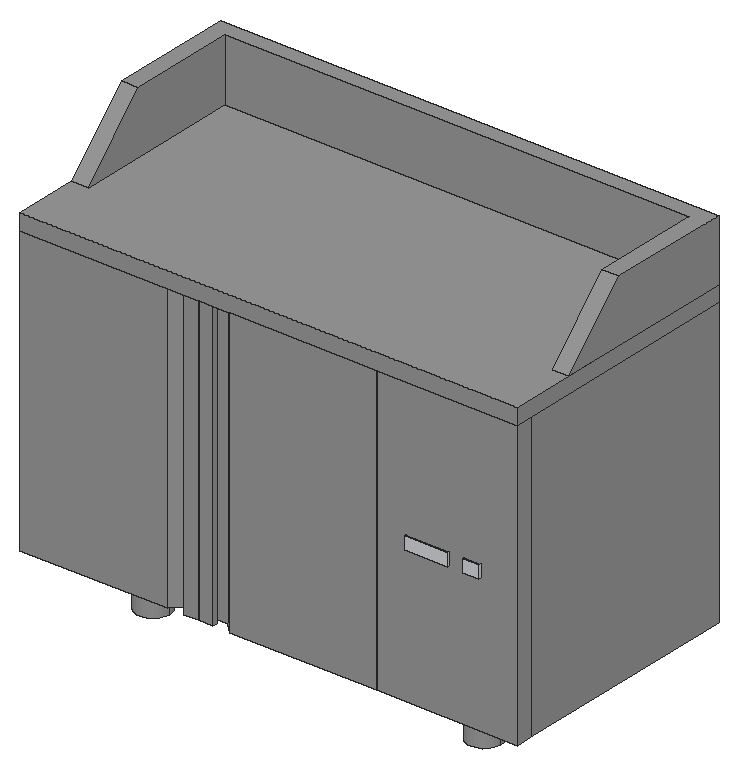
Revit family "Холодильные столы для приготовления пиццы_1", category Оборудование, Revit 2020 (continued)
Automatic sketch dimensions
  curve 380 to curve 379 = 0 mm
  curve 505 to curve 532 = 10 mm
  curve 409 to curve 408 = 10 mm
  curve 512 to curve 504 = 10 mm
  curve 509 to curve 503 = 10 mm
  curve 508 to curve 502 = 10 mm
  curve 500 to curve 532 = 0 mm
  curve 501 to curve 500 = 0 mm
  curve 504 to curve 499 = 10 mm
  curve 498 to curve 499 = 0 mm
  curve 497 to curve 498 = 0 mm
  curve 496 to curve 497 = 0 mm
  curve 408 to curve 407 = 10 mm
  curve 376 to curve 371 = 10 mm
  curve 376 to curve 372 = 10 mm
  curve 377 to curve 373 = 10 mm
  curve 532 to curve 531 = 10 mm
  curve 495 to curve 496 = 0 mm
  curve 378 to curve 374 = 10 mm
  curve 379 to curve 375 = 10 mm
  curve 496 to curve 491 = 10 mm
  curve 496 to curve 492 = 10 mm
  curve 497 to curve 493 = 10 mm
  curve 490 to curve 491 = 0 mm
  curve 498 to curve 494 = 10 mm
  curve 530 to curve 490 = 0 mm
  curve 407 to curve 406 = 10 mm
  curve 375 to curve 370 = 10 mm
  curve 369 to curve 370 = 0 mm
  curve 368 to curve 369 = 0 mm
  curve 367 to curve 368 = 0 mm
  curve 366 to curve 367 = 0 mm
  curve 406 to curve 405 = 10 mm
  curve 367 to curve 361 = 10 mm
  curve 362 to curve 361 = 0 mm
  curve 363 to curve 362 = 0 mm
  curve 364 to curve 363 = 0 mm
  curve 490 to curve 485 = 10 mm
  curve 486 to curve 485 = 0 mm
  curve 487 to curve 486 = 0 mm
  curve 488 to curve 487 = 0 mm
  curve 365 to curve 364 = 0 mm
  curve 530 to curve 529 = 10 mm
  curve 489 to curve 488 = 0 mm
  curve 361 to curve 404 = 10 mm
  curve 489 to curve 483 = 10 mm
  curve 485 to curve 528 = 10 mm
  curve 489 to curve 484 = 10 mm
  curve 488 to curve 482 = 10 mm
  curve 487 to curve 481 = 10 mm
  curve 480 to curve 528 = 0 mm
  curve 356 to curve 404 = 0 mm
  curve 357 to curve 356 = 0 mm
  curve 358 to curve 357 = 0 mm
  curve 359 to curve 358 = 0 mm
  curve 360 to curve 359 = 0 mm
  curve 359 to curve 355 = 10 mm
  curve 354 to curve 355 = 0 mm
  curve 353 to curve 354 = 0 mm
  curve 352 to curve 353 = 0 mm
  curve 351 to curve 352 = 0 mm
  curve 482 to curve 477 = 10 mm
  curve 476 to curve 477 = 0 mm
  curve 475 to curve 476 = 0 mm
  curve 403 to curve 351 = 0 mm
  curve 482 to curve 478 = 10 mm
  curve 528 to curve 527 = 10 mm
  curve 484 to curve 479 = 10 mm
  curve 476 to curve 471 = 10 mm
  curve 354 to curve 350 = 10 mm
  curve 349 to curve 350 = 0 mm
  curve 348 to curve 349 = 0 mm
  curve 403 to curve 402 = 10 mm
  curve 527 to curve 526 = 10 mm
  curve 527 to curve 470 = 10 mm
  curve 476 to curve 472 = 10 mm
  curve 477 to curve 473 = 10 mm
  curve 478 to curve 474 = 10 mm
  curve 347 to curve 348 = 0 mm
  curve 346 to curve 347 = 0 mm
  curve 350 to curve 345 = 10 mm
  curve 470 to curve 465 = 10 mm
  curve 402 to curve 401 = 10 mm
  curve 474 to curve 469 = 10 mm
  curve 470 to curve 525 = 10 mm
  curve 474 to curve 468 = 10 mm
  curve 473 to curve 467 = 10 mm
  curve 472 to curve 466 = 10 mm
  curve 350 to curve 344 = 10 mm
  curve 349 to curve 343 = 10 mm
  curve 348 to curve 342 = 10 mm
  curve 347 to curve 341 = 10 mm
  curve 525 to curve 524 = 10 mm
  curve 469 to curve 464 = 10 mm
  curve 401 to curve 400 = 10 mm
  curve 469 to curve 463 = 10 mm
  curve 468 to curve 462 = 10 mm
  curve 467 to curve 461 = 10 mm
  curve 466 to curve 460 = 10 mm
  curve 336 to curve 400 = 0 mm
  curve 337 to curve 336 = 0 mm
  curve 345 to curve 340 = 10 mm
  curve 345 to curve 339 = 10 mm
  curve 344 to curve 338 = 10 mm
  curve 461 to curve 457 = 10 mm
  curve 400 to curve 399 = 10 mm
  curve 462 to curve 458 = 10 mm
  curve 463 to curve 459 = 10 mm
  curve 340 to curve 335 = 10 mm
  curve 524 to curve 523 = 10 mm
  curve 334 to curve 335 = 0 mm
  curve 333 to curve 334 = 0 mm
  curve 332 to curve 333 = 0 mm
  curve 331 to curve 332 = 0 mm
  curve 524 to curve 455 = 10 mm
  curve 460 to curve 456 = 10 mm
  curve 331 to curve 327 = 10 mm
  curve 332 to curve 328 = 10 mm
  curve 333 to curve 329 = 10 mm
  curve 334 to curve 330 = 10 mm
  curve 523 to curve 450 = 10 mm
  curve 399 to curve 326 = 10 mm
  curve 459 to curve 454 = 10 mm
  curve 453 to curve 454 = 0 mm
  curve 452 to curve 453 = 0 mm
  curve 451 to curve 452 = 0 mm
  curve 522 to curve 450 = 0 mm
  curve 399 to curve 398 = 10 mm
  curve 330 to curve 325 = 10 mm
  curve 330 to curve 324 = 10 mm
  curve 329 to curve 323 = 10 mm
  curve 328 to curve 322 = 10 mm
  curve 327 to curve 321 = 10 mm
  curve 326 to curve 397 = 10 mm
  curve 450 to curve 521 = 10 mm
  curve 454 to curve 449 = 10 mm
  curve 454 to curve 448 = 10 mm
  curve 453 to curve 447 = 10 mm
  curve 452 to curve 446 = 10 mm
  curve 445 to curve 521 = 0 mm
  curve 449 to curve 444 = 10 mm
  curve 449 to curve 443 = 10 mm
  curve 448 to curve 442 = 10 mm
  curve 447 to curve 441 = 10 mm
  curve 446 to curve 440 = 10 mm
  curve 521 to curve 520 = 10 mm
  curve 322 to curve 316 = 10 mm
  curve 317 to curve 316 = 0 mm
  curve 318 to curve 317 = 0 mm
  curve 319 to curve 318 = 0 mm
  curve 325 to curve 320 = 10 mm
  curve 321 to curve 396 = 10 mm
  curve 396 to curve 395 = 10 mm
  curve 440 to curve 435 = 10 mm
  curve 440 to curve 436 = 10 mm
  curve 441 to curve 437 = 10 mm
  curve 442 to curve 438 = 10 mm
  curve 443 to curve 439 = 10 mm
  curve 519 to curve 435 = 0 mm
  curve 320 to curve 315 = 10 mm
  curve 314 to curve 315 = 0 mm
  curve 317 to curve 313 = 10 mm
  curve 312 to curve 313 = 0 mm
  curve 311 to curve 312 = 0 mm
  curve 313 to curve 309 = 10 mm
  curve 314 to curve 310 = 10 mm
  curve 308 to curve 309 = 0 mm
  curve 307 to curve 308 = 0 mm
  curve 439 to curve 434 = 10 mm
  curve 306 to curve 307 = 0 mm
  curve 395 to curve 394 = 10 mm
  curve 433 to curve 434 = 0 mm
  curve 432 to curve 433 = 0 mm
  curve 519 to curve 518 = 10 mm
  curve 431 to curve 432 = 0 mm
  curve 430 to curve 431 = 0 mm
  curve 434 to curve 429 = 10 mm
  curve 434 to curve 428 = 10 mm
  curve 433 to curve 427 = 10 mm
  curve 432 to curve 426 = 10 mm
  curve 430 to curve 517 = 10 mm
  curve 431 to curve 425 = 10 mm
  curve 306 to curve 393 = 10 mm
  curve 310 to curve 305 = 10 mm
  curve 307 to curve 301 = 10 mm
  curve 310 to curve 304 = 10 mm
  curve 309 to curve 303 = 10 mm
  curve 308 to curve 302 = 10 mm
  curve 429 to curve 424 = 10 mm
  curve 429 to curve 423 = 10 mm
  curve 428 to curve 422 = 10 mm
  curve 427 to curve 421 = 10 mm
  curve 426 to curve 420 = 10 mm
  curve 517 to curve 516 = 10 mm
  curve 301 to curve 392 = 10 mm
  curve 296 to curve 392 = 0 mm
  curve 297 to curve 296 = 0 mm
  curve 298 to curve 297 = 0 mm
  curve 305 to curve 300 = 10 mm
  curve 305 to curve 299 = 10 mm
  curve 296 to curve 292 = 10 mm
  curve 291 to curve 292 = 0 mm
  curve 297 to curve 293 = 10 mm
  curve 516 to curve 415 = 10 mm
  curve 420 to curve 416 = 10 mm
  curve 421 to curve 417 = 10 mm
  curve 422 to curve 418 = 10 mm
  curve 300 to curve 295 = 10 mm
  curve 294 to curve 295 = 0 mm
  curve 391 to curve 386 = 10 mm
  curve 423 to curve 419 = 10 mm
  curve 515 to curve 510 = 10 mm
  curve 416 to curve 412 = 10 mm
  curve 411 to curve 412 = 0 mm
  curve 410 to curve 411 = 0 mm
  curve 417 to curve 413 = 10 mm
  curve 291 to curve 287 = 10 mm
  curve 292 to curve 288 = 10 mm
  curve 293 to curve 289 = 10 mm
  curve 294 to curve 290 = 10 mm
  curve 418 to curve 414 = 10 mm
  curve 286 to curve 287 = 0 mm
  Extrusion 22 sketch curve to Extrusion 2 = 37.295 mm
  Extrusion 22 sketch curve to Extrusion 2 = 160 mm
  Extrusion 22 sketch curve to Extrusion 22 sketch curve = 66.042 mm
  Extrusion 22 sketch curve to Extrusion 22 sketch curve = 20 mm
  Extrusion 23 sketch curve to Extrusion 2 = 37.295 mm
  Extrusion 23 sketch curve to Extrusion 2 = 137.5 mm
  Extrusion 23 sketch curve to Extrusion 23 sketch curve = 31.374 mm
  Extrusion 23 sketch curve to Extrusion 23 sketch curve = 20 mm
  Extrusion 24 sketch curve to Extrusion 2 = 0 mm  (x2)
  Extrusion 24 sketch curve to Extrusion 2 = 340 mm
  Extrusion 24 sketch curve to Extrusion 24 sketch curve = 340.013 mm
  curve 537 to Extrusion 24 = 70 mm
  curve 537 to curve 537 = 160 mm
  Extrusion 25 sketch curve to Extrusion 2 = 248 mm
  Extrusion 25 sketch curve to Extrusion 25 sketch curve = 98.531 mm
  Extrusion 25 sketch curve to Extrusion 2 = 275 mm
  Extrusion 25 sketch curve to Extrusion 25 sketch curve = 20 mm
  Extrusion 26 sketch curve to Extrusion 2 = 111.877 mm
  Extrusion 26 sketch curve to Extrusion 26 sketch curve = 20 mm  (x2)
  Extrusion 26 sketch curve to Extrusion 2 = 275 mm
  curve 686 to Extrusion 2 = 38 mm
  curve 538 to curve 719 = 20 mm
  curve 719 to curve 154 = 12 mm
  curve 680 to curve 149 = 12 mm
  curve 104 to curve 647 = 3 mm
  curve 647 to curve 721 = 20 mm
  curve 688 to curve 149 = 7 mm
  curve 694 to curve 702 = 14.5 mm
  curve 534 to curve 546 = 20 mm
  curve 696 to curve 14 = 5 mm
  curve 562 to curve 581 = 14 mm
  curve 105 to curve 723 = 15 mm
  curve 702 to curve 724 = 14.5 mm
  curve 704 to curve 150 = 0.5 mm
  curve 564 to curve 565 = 20 mm
  curve 15 to curve 151 = 12.5 mm
  curve 565 to curve 583 = 13.5 mm
  curve 106 to curve 725 = 7 mm
  curve 663 to curve 671 = 15 mm
  curve 583 to curve 601 = 20 mm
  curve 712 to curve 151 = 8 mm
  curve 584 to curve 602 = 13.5 mm
  curve 106 to curve 727 = 12 mm
  curve 712 to curve 18 = 0.5 mm
  curve 718 to curve 743 = 15 mm
  curve 602 to curve 603 = 20 mm
  curve 737 to curve 19 = 15.5 mm
  curve 619 to curve 621 = 15 mm
  curve 107 to curve 728 = 4.5 mm
  curve 737 to curve 20 = 8 mm
  curve 108 to curve 755 = 7 mm
  curve 755 to curve 772 = 20 mm
  curve 764 to curve 153 = 3 mm
  curve 621 to curve 283 = 42 mm
  curve 770 to curve 789 = 15 mm
  curve 773 to curve 773 = 20.001 mm
  curve 279 to curve 535 = 25 mm
  curve 7 to curve 601 = 25 mm
  curve 564 to curve 562 = 0 mm
  curve 638 to curve 536 = 0 mm
  curve 602 to curve 600 = 0 mm
  curve 581 to curve 565 = 160 mm
  curve 535 to curve 564 = 0 mm
  curve 622 to curve 534 = 0 mm
  curve 620 to curve 621 = 0 mm
  curve 601 to curve 602 = 0 mm
  curve 534 to curve 158 = 65 mm
  curve 4 to curve 723 = 35 mm
  curve 694 to curve 702 = 0 mm
  curve 10 to curve 770 = 35 mm
  curve 724 to curve 702 = 0 mm
  curve 745 to curve 770 = 0 mm
  curve 686 to curve 694 = 0 mm
  curve 726 to curve 710 = 0 mm
  curve 770 to curve 20 = 60 mm
  curve 19 to curve 20 = 0 mm
  curve 16 to curve 18 = 0 mm
  curve 15 to curve 16 = 0 mm
  curve 16 to curve 663 = 90 mm
  curve 728 to curve 663 = 0 mm
  curve 11 to curve 539 = 90 mm
  curve 671 to curve 663 = 0 mm
  curve 655 to curve 663 = 0 mm
  curve 647 to curve 655 = 0 mm
  curve 755 to curve 728 = 0 mm
  curve 538 to curve 544 = 22 mm
  curve 28 to Extrusion 2 = 50 mm
  curve 12 to curve 542 = 11.567 mm
  curve 686 to curve 719 = 0 mm
  curve 169 to curve 169 = 30 mm
  curve 550 to curve 205 = 0.5 mm
  curve 245 to curve 577 = 3.5 mm
  curve 201 to curve 587 = 4.5 mm
  curve 590 to curve 216 = 5.5 mm
  curve 609 to curve 217 = 4.5 mm
  curve 187 to curve 621 = 0.5 mm
  curve 247 to curve 248 = 12.5 mm
  curve 243 to curve 633 = 8 mm
  curve 228 to curve 630 = 8 mm
  curve 233 to curve 631 = 8 mm
  curve 238 to curve 632 = 8 mm
  curve 248 to curve 634 = 8 mm
  curve 253 to curve 635 = 8 mm
  curve 258 to curve 636 = 8 mm
  curve 263 to curve 637 = 8 mm
  curve 268 to curve 638 = 8 mm
  curve 218 to curve 628 = 8 mm
  curve 213 to curve 627 = 8 mm
  curve 208 to curve 626 = 8 mm
  curve 203 to curve 625 = 8 mm
  curve 198 to curve 624 = 8 mm
  curve 193 to curve 623 = 8 mm
  curve 188 to curve 622 = 8 mm
  curve 223 to curve 629 = 8 mm
  curve 638 to curve 536 = 0.123 mm
  curve 622 to curve 534 = 0.123 mm
  curve 271 to curve 583 = 5 mm
  curve 1 to curve 269 = 20 mm
  curve 270 to curve 562 = 5 mm
  curve 272 to curve 602 = 5 mm
  curve 273 to curve 638 = 5 mm
  curve 274 to curve 269 = 10 mm
  curve 2 to curve 278 = 10 mm
  curve 277 to curve 272 = 10 mm
  curve 7 to curve 276 = 10 mm
  curve 275 to curve 270 = 10 mm
  curve 280 to curve 4 = 0 mm
  curve 281 to curve 6 = 0 mm
  curve 282 to curve 8 = 0 mm
  curve 600 to curve 266 = 5 mm
  curve 581 to curve 265 = 5 mm
  curve 269 to curve 264 = 10 mm
  curve 602 to curve 267 = 5 mm
  curve 273 to curve 268 = 10 mm
  curve 265 to curve 580 = 5 mm
  curve 268 to curve 637 = 5 mm
  curve 267 to curve 618 = 5 mm
  curve 265 to curve 561 = 5 mm
  curve 266 to curve 599 = 5 mm
  curve 561 to curve 260 = 5 mm
  curve 561 to curve 259 = 5 mm
  curve 618 to curve 262 = 5 mm
  curve 599 to curve 261 = 5 mm
  curve 268 to curve 263 = 10 mm
  curve 580 to curve 579 = 10 mm
  curve 259 to curve 560 = 5 mm
  curve 262 to curve 636 = 5 mm
  curve 618 to curve 617 = 10 mm
  curve 261 to curve 598 = 5 mm
  curve 579 to curve 255 = 5 mm
  curve 636 to curve 258 = 5 mm
  curve 636 to curve 257 = 5 mm
  curve 598 to curve 256 = 5 mm
  curve 560 to curve 254 = 5 mm
  curve 257 to curve 616 = 5 mm
  curve 254 to curve 559 = 5 mm
  curve 579 to curve 578 = 10 mm
  curve 257 to curve 635 = 5 mm
  curve 256 to curve 597 = 5 mm
  curve 597 to curve 251 = 5 mm
  curve 258 to curve 253 = 10 mm
  curve 635 to curve 252 = 5 mm
  curve 254 to curve 249 = 10 mm
  curve 559 to curve 250 = 5 mm
  curve 578 to curve 577 = 10 mm
  curve 252 to curve 634 = 5 mm
  curve 251 to curve 596 = 5 mm
  curve 252 to curve 615 = 5 mm
  curve 250 to curve 558 = 5 mm
  curve 558 to curve 245 = 5 mm
  curve 634 to curve 248 = 5 mm
  curve 596 to curve 246 = 5 mm
  curve 615 to curve 247 = 5 mm
  curve 558 to curve 244 = 5 mm
  curve 245 to curve 557 = 5 mm
  curve 577 to curve 576 = 10 mm
  curve 615 to curve 614 = 10 mm
  curve 246 to curve 595 = 5 mm
  curve 248 to curve 633 = 5 mm
  curve 557 to curve 239 = 5 mm
  curve 557 to curve 240 = 5 mm
  curve 595 to curve 241 = 5 mm
  curve 614 to curve 242 = 5 mm
  curve 633 to curve 243 = 5 mm
  curve 240 to curve 556 = 5 mm
  curve 242 to curve 632 = 5 mm
  curve 241 to curve 594 = 5 mm
  curve 576 to curve 575 = 10 mm
  curve 614 to curve 613 = 10 mm
  curve 613 to curve 237 = 5 mm
  curve 594 to curve 236 = 5 mm
  curve 575 to curve 235 = 5 mm
  curve 556 to curve 234 = 5 mm
  curve 243 to curve 238 = 10 mm
  curve 235 to curve 555 = 5 mm
  curve 613 to curve 612 = 10 mm
  curve 575 to curve 574 = 10 mm
  curve 236 to curve 593 = 5 mm
  curve 238 to curve 631 = 5 mm
  curve 631 to curve 232 = 5 mm
  curve 234 to curve 229 = 10 mm
  curve 555 to curve 230 = 5 mm
  curve 593 to curve 231 = 5 mm
  curve 238 to curve 233 = 10 mm
  curve 230 to curve 554 = 5 mm
  curve 574 to curve 573 = 10 mm
  curve 231 to curve 592 = 5 mm
  curve 612 to curve 611 = 10 mm
  curve 232 to curve 630 = 5 mm
  curve 592 to curve 226 = 5 mm
  curve 573 to curve 225 = 5 mm
  curve 611 to curve 227 = 5 mm
  curve 554 to curve 224 = 5 mm
  curve 630 to curve 228 = 5 mm
  curve 228 to curve 629 = 5 mm
  curve 573 to curve 572 = 10 mm
  curve 225 to curve 553 = 5 mm
  curve 227 to curve 610 = 5 mm
  curve 226 to curve 591 = 5 mm
  curve 610 to curve 222 = 5 mm
  curve 591 to curve 221 = 5 mm
  curve 629 to curve 223 = 5 mm
  curve 224 to curve 219 = 10 mm
  curve 572 to curve 220 = 5 mm
  curve 220 to curve 571 = 5 mm
  curve 223 to curve 628 = 5 mm
  curve 610 to curve 609 = 10 mm
  curve 221 to curve 590 = 5 mm
  curve 219 to curve 552 = 5 mm
  curve 552 to curve 214 = 5 mm
  curve 552 to curve 215 = 5 mm
  curve 590 to curve 216 = 5 mm
  curve 609 to curve 217 = 5 mm
  curve 628 to curve 218 = 5 mm
  curve 218 to curve 627 = 5 mm
  curve 215 to curve 551 = 5 mm
  curve 216 to curve 589 = 5 mm
  curve 609 to curve 608 = 10 mm
  curve 215 to curve 570 = 5 mm
  curve 214 to curve 209 = 10 mm
  curve 551 to curve 210 = 5 mm
  curve 218 to curve 213 = 10 mm
  curve 589 to curve 211 = 5 mm
  curve 608 to curve 212 = 5 mm
  curve 212 to curve 607 = 5 mm
  curve 211 to curve 588 = 5 mm
  curve 570 to curve 569 = 10 mm
  curve 212 to curve 626 = 5 mm
  curve 210 to curve 550 = 5 mm
  curve 550 to curve 205 = 5 mm
  curve 588 to curve 206 = 5 mm
  curve 550 to curve 204 = 5 mm
  curve 213 to curve 208 = 10 mm
  curve 626 to curve 207 = 5 mm
  curve 205 to curve 568 = 5 mm
  curve 204 to curve 549 = 5 mm
  curve 206 to curve 587 = 5 mm
  curve 208 to curve 625 = 5 mm
  curve 207 to curve 606 = 5 mm
  curve 208 to curve 203 = 10 mm
  curve 204 to curve 199 = 10 mm
  curve 568 to curve 200 = 5 mm
  curve 587 to curve 201 = 5 mm
  curve 606 to curve 202 = 5 mm
  curve 200 to curve 567 = 5 mm
  curve 606 to curve 605 = 10 mm
  curve 199 to curve 548 = 5 mm
  curve 202 to curve 624 = 5 mm
  curve 201 to curve 586 = 5 mm
  curve 567 to curve 195 = 5 mm
  curve 586 to curve 196 = 5 mm
  curve 548 to curve 194 = 5 mm
  curve 624 to curve 197 = 5 mm
  curve 624 to curve 198 = 5 mm
  curve 604 to curve 603 = 10 mm
  curve 197 to curve 623 = 5 mm
  curve 566 to curve 564 = 10 mm
  curve 195 to curve 547 = 5 mm
  curve 196 to curve 585 = 5 mm
  curve 198 to curve 193 = 10 mm
  curve 623 to curve 192 = 5 mm
  curve 585 to curve 191 = 5 mm
  curve 566 to curve 190 = 5 mm
  curve 547 to curve 189 = 5 mm
  curve 189 to curve 184 = 10 mm
  curve 546 to curve 185 = 5 mm
  curve 583 to curve 186 = 5 mm
  curve 602 to curve 187 = 5 mm
  curve 193 to curve 188 = 10 mm
  curve 188 to curve 183 = 10 mm
  curve 187 to curve 182 = 10 mm
  curve 186 to curve 181 = 10 mm
  curve 185 to curve 180 = 10 mm
  curve 184 to curve 179 = 10 mm
  curve 183 to curve 178 = 10 mm
  curve 182 to curve 177 = 10 mm
  curve 181 to curve 176 = 10 mm
  curve 180 to curve 175 = 10 mm
  curve 179 to curve 174 = 10 mm
  curve 178 to curve 173 = 10 mm
  curve 177 to curve 172 = 10 mm
  curve 176 to curve 171 = 10 mm
  curve 175 to curve 170 = 10 mm
  curve 174 to curve 169 = 10 mm
  curve 173 to curve 168 = 10 mm
  curve 172 to curve 167 = 10 mm
  curve 171 to curve 166 = 10 mm
  curve 170 to curve 165 = 10 mm
  curve 169 to curve 164 = 10 mm
  curve 168 to curve 163 = 10 mm
  curve 167 to curve 162 = 10 mm
  curve 166 to curve 161 = 10 mm
  curve 165 to curve 160 = 10 mm
  curve 164 to curve 159 = 10 mm
  curve 157 to curve 9 = 0 mm
  curve 156 to curve 7 = 0 mm
  curve 155 to curve 5 = 0 mm
  curve 710 to curve 709 = 10 mm
  curve 718 to curve 717 = 10 mm
  curve 743 to curve 742 = 10 mm
  curve 694 to curve 693 = 10 mm
  curve 539 to curve 685 = 10 mm
  curve 770 to curve 769 = 10 mm
  curve 702 to curve 701 = 10 mm
  curve 540 to curve 787 = 10 mm
  curve 787 to curve 786 = 10 mm
  curve 769 to curve 768 = 10 mm
  curve 685 to curve 684 = 10 mm
  curve 717 to curve 716 = 10 mm
  curve 701 to curve 700 = 10 mm
  curve 742 to curve 741 = 10 mm
  curve 693 to curve 692 = 10 mm
  curve 709 to curve 708 = 10 mm
  curve 716 to curve 715 = 10 mm
  curve 708 to curve 707 = 10 mm
  curve 768 to curve 767 = 10 mm
  curve 741 to curve 740 = 10 mm
  curve 700 to curve 699 = 10 mm
  curve 684 to curve 683 = 10 mm
  curve 692 to curve 691 = 10 mm
  curve 786 to curve 785 = 10 mm
  curve 715 to curve 714 = 10 mm
  curve 740 to curve 739 = 10 mm
  curve 691 to curve 690 = 10 mm
  curve 683 to curve 682 = 10 mm
  curve 785 to curve 784 = 10 mm
  curve 699 to curve 698 = 10 mm
  curve 767 to curve 766 = 10 mm
  curve 707 to curve 706 = 10 mm
  curve 714 to curve 713 = 10 mm
  curve 690 to curve 689 = 10 mm
  curve 766 to curve 765 = 10 mm
  curve 682 to curve 681 = 10 mm
  curve 784 to curve 783 = 10 mm
  curve 706 to curve 705 = 10 mm
  curve 739 to curve 738 = 10 mm
  curve 698 to curve 697 = 10 mm
  curve 696 to curve 14 = 0 mm
  curve 737 to curve 19 = 0 mm
  curve 704 to curve 15 = 0 mm
  curve 712 to curve 17 = 0 mm
  curve 783 to curve 782 = 10 mm
  curve 681 to curve 680 = 10 mm
  curve 688 to curve 11 = 0 mm
  curve 764 to curve 20 = 0 mm
  curve 704 to curve 703 = 10 mm
  curve 12 to curve 148 = 10 mm
  curve 19 to curve 147 = 10 mm
  curve 688 to curve 687 = 10 mm
  curve 17 to curve 146 = 10 mm
  curve 763 to curve 148 = 0 mm
  curve 736 to curve 147 = 0 mm
  curve 782 to curve 781 = 10 mm
  curve 696 to curve 695 = 10 mm
  curve 711 to curve 146 = 0 mm
  curve 145 to curve 703 = 0 mm
  curve 144 to curve 687 = 0 mm
  curve 680 to curve 679 = 10 mm
  curve 146 to curve 141 = 10 mm
  curve 145 to curve 140 = 10 mm
  curve 147 to curve 142 = 10 mm
  curve 678 to curve 142 = 0 mm
  curve 148 to curve 143 = 10 mm
  curve 144 to curve 139 = 10 mm
  curve 679 to curve 646 = 10 mm
  curve 781 to curve 780 = 10 mm
  curve 762 to curve 143 = 0 mm
  curve 654 to curve 139 = 0 mm
  curve 662 to curve 140 = 0 mm
  curve 735 to curve 142 = 0 mm
  curve 670 to curve 141 = 0 mm
  curve 143 to curve 138 = 10 mm
  curve 735 to curve 734 = 10 mm
  curve 670 to curve 669 = 10 mm
  curve 761 to curve 138 = 0 mm
  curve 139 to curve 134 = 10 mm
  curve 662 to curve 661 = 10 mm
  curve 135 to curve 661 = 0 mm
  curve 136 to curve 669 = 0 mm
  curve 677 to curve 136 = 0 mm
  curve 653 to curve 134 = 0 mm
  curve 137 to curve 677 = 0 mm
  curve 780 to curve 779 = 10 mm
  curve 646 to curve 645 = 10 mm
  curve 734 to curve 733 = 10 mm
  curve 645 to curve 644 = 10 mm
  curve 653 to curve 652 = 10 mm
  curve 677 to curve 676 = 10 mm
  curve 661 to curve 660 = 10 mm
  curve 669 to curve 668 = 10 mm
  curve 138 to curve 133 = 10 mm
  curve 132 to curve 733 = 0 mm
  curve 131 to curve 676 = 0 mm
  curve 779 to curve 778 = 10 mm
  curve 760 to curve 133 = 0 mm
  curve 130 to curve 668 = 0 mm
  curve 129 to curve 652 = 0 mm
  curve 644 to curve 643 = 10 mm
  curve 760 to curve 759 = 10 mm
  curve 778 to curve 777 = 10 mm
  curve 652 to curve 651 = 10 mm
  curve 676 to curve 675 = 10 mm
  curve 660 to curve 659 = 10 mm
  curve 124 to curve 651 = 0 mm
  curve 125 to curve 659 = 0 mm
  curve 131 to curve 126 = 10 mm
  curve 127 to curve 675 = 0 mm
  curve 128 to curve 759 = 0 mm
  curve 667 to curve 126 = 0 mm
  curve 732 to curve 127 = 0 mm
  curve 667 to curve 666 = 10 mm
  curve 128 to curve 123 = 10 mm
  curve 659 to curve 658 = 10 mm
  curve 675 to curve 674 = 10 mm
  curve 124 to curve 119 = 10 mm
  curve 127 to curve 122 = 10 mm
  curve 650 to curve 119 = 0 mm
  curve 121 to curve 674 = 0 mm
  curve 777 to curve 776 = 10 mm
  curve 758 to curve 123 = 0 mm
  curve 120 to curve 666 = 0 mm
  curve 731 to curve 122 = 0 mm
  curve 643 to curve 642 = 10 mm
  curve 642 to curve 641 = 10 mm
  curve 731 to curve 730 = 10 mm
  curve 123 to curve 118 = 10 mm
  curve 776 to curve 775 = 10 mm
  curve 757 to curve 118 = 0 mm
  curve 117 to curve 730 = 0 mm
  curve 666 to curve 665 = 10 mm
  curve 650 to curve 649 = 10 mm
  curve 121 to curve 116 = 10 mm
  curve 115 to curve 665 = 0 mm
  curve 114 to curve 649 = 0 mm
  curve 658 to curve 657 = 10 mm
  curve 673 to curve 116 = 0 mm
  curve 657 to curve 656 = 10 mm
  curve 117 to curve 112 = 10 mm
  curve 118 to curve 113 = 10 mm
  curve 116 to curve 111 = 10 mm
  curve 775 to curve 774 = 10 mm
  curve 672 to curve 112 = 0 mm
  curve 115 to curve 110 = 10 mm
  curve 730 to curve 729 = 10 mm
  curve 109 to curve 656 = 0 mm
  curve 664 to curve 110 = 0 mm
  curve 648 to curve 109 = 0 mm
  curve 756 to curve 113 = 0 mm
  curve 641 to curve 640 = 10 mm
  curve 105 to curve 663 = 0 mm
  curve 104 to curve 647 = 0 mm
  curve 106 to curve 671 = 0 mm
  curve 107 to curve 671 = 0 mm
  curve 108 to curve 755 = 0 mm
  curve 104 to curve 99 = 10 mm
  curve 105 to curve 100 = 10 mm
  curve 106 to curve 101 = 10 mm
  curve 108 to curve 103 = 10 mm
  curve 107 to curve 102 = 10 mm
  curve 99 to curve 94 = 10 mm
  curve 100 to curve 95 = 10 mm
  curve 103 to curve 98 = 10 mm
  curve 102 to curve 97 = 10 mm
  curve 101 to curve 96 = 10 mm
  curve 98 to curve 93 = 10 mm
  curve 97 to curve 92 = 10 mm
  curve 96 to curve 91 = 10 mm
  curve 95 to curve 90 = 10 mm
  curve 94 to curve 89 = 10 mm
  curve 544 to curve 754 = 14.567 mm
  curve 92 to curve 87 = 10 mm
  curve 91 to curve 86 = 10 mm
  curve 93 to curve 88 = 10 mm
  curve 90 to curve 85 = 10 mm
  curve 89 to curve 84 = 10 mm
  curve 87 to curve 82 = 10 mm
  curve 86 to curve 81 = 10 mm
  curve 85 to curve 80 = 10 mm
  curve 84 to curve 79 = 10 mm
  curve 88 to curve 83 = 10 mm
  curve 754 to curve 753 = 15 mm
  curve 81 to curve 76 = 10 mm
  curve 80 to curve 75 = 10 mm
  curve 79 to curve 74 = 10 mm
  curve 82 to curve 77 = 10 mm
  curve 83 to curve 78 = 10 mm
  curve 753 to curve 752 = 15 mm
  curve 78 to curve 73 = 10 mm
  curve 77 to curve 72 = 10 mm
  curve 76 to curve 71 = 10 mm
  curve 75 to curve 70 = 10 mm
  curve 74 to curve 69 = 10 mm
  curve 73 to curve 68 = 10 mm
  curve 72 to curve 67 = 10 mm
  curve 71 to curve 66 = 10 mm
  curve 70 to curve 65 = 10 mm
  curve 69 to curve 64 = 10 mm
  curve 752 to curve 751 = 15 mm
  curve 67 to curve 62 = 10 mm
  curve 66 to curve 61 = 10 mm
  curve 68 to curve 63 = 10 mm
  curve 65 to curve 60 = 10 mm
  curve 64 to curve 59 = 10 mm
  curve 751 to curve 750 = 15 mm
  curve 61 to curve 56 = 10 mm
  curve 60 to curve 55 = 10 mm
  curve 59 to curve 54 = 10 mm
  curve 62 to curve 57 = 10 mm
  curve 63 to curve 58 = 10 mm
  curve 56 to curve 51 = 10 mm
  curve 57 to curve 52 = 10 mm
  curve 58 to curve 53 = 10 mm
  curve 55 to curve 50 = 10 mm
  curve 54 to curve 49 = 10 mm
  curve 750 to curve 749 = 15 mm
  curve 52 to curve 47 = 10 mm
  curve 49 to curve 44 = 10 mm
  curve 50 to curve 45 = 10 mm
  curve 51 to curve 46 = 10 mm
  curve 53 to curve 48 = 10 mm
  curve 749 to curve 748 = 15 mm
  curve 45 to curve 40 = 10 mm
  curve 44 to curve 39 = 10 mm
  curve 48 to curve 43 = 10 mm
  curve 47 to curve 42 = 10 mm
  curve 46 to curve 41 = 10 mm
  curve 39 to curve 34 = 10 mm
  curve 40 to curve 35 = 10 mm
  curve 41 to curve 36 = 10 mm
  curve 43 to curve 38 = 10 mm
  curve 42 to curve 37 = 10 mm
  curve 748 to curve 747 = 15 mm
  curve 36 to curve 31 = 10 mm
  curve 34 to curve 29 = 10 mm
  curve 38 to curve 33 = 10 mm
  curve 32 to curve 19 = 10 mm
  curve 35 to curve 30 = 10 mm
  curve 746 to curve 542 = 15 mm
  curve 27 to curve 19 = 0 mm
  curve 26 to curve 17 = 0 mm
  curve 25 to curve 15 = 0 mm
  Extrusion 27 sketch curve to plane 9 = 0 mm
  plane 10 to Extrusion 27 sketch curve = 0.013 mm
  plane 1 "По центру (Вперед/Назад)" to Extrusion 27 sketch curve = 0 mm
  plane 9 to Extrusion 27 sketch curve = 40.243 mm
  Extrusion 27 sketch curve to plane 10 = 40 mm
  plane 1 "По центру (Вперед/Назад)" to Extrusion 27 sketch curve = 40.027 mm
  plane 17 to Extrusion 27 sketch curve = 5 mm  (x2)
  Extrusion 28 sketch curve to plane 4 = 0 mm
  Extrusion 28 sketch curve to plane 27 = 0 mm
  Extrusion 29 sketch curve to plane 27 = 0 mm
  Extrusion 29 sketch curve to plane 4 = 0 mm
  radius of Extrusion 4 sketch curve = 40 mm
  radius of Extrusion 6 sketch curve = 40 mm
Connectors
  electrical at (0, 0, 465)
    settings: on Extrusion 1, index 1, voltage 230 V, apparent load 0 VA, apparent load phase1 0 VA, apparent load phase2 0 VA, apparent load phase3 0 VA, power factor 1, load classification "Прочее", number of poles 1, system type 31, power factor state 1, is connector primary yes, connector utility no, sub classification motor no, connector description ""
Types (15, lengths in mm): name | Ширина | Цена, руб | Таблица поиска | Размеры в упоковке, мм | Объем, л | Нижняя панель упр. | Нижнее распол. Дверь -2 | Нижнее распол Дверь -1 | Количество дверей | Дверь G-4 | Дверь G-2 | Дверь G - 1 | Глубина | Габаритные размеры, мм | Вес нетто/брутто, кг | Боковая панель упр. (3 решетки) | Боковая панель упр.
  (no name) | 1200 | "94 957" | "ТB" | "1310х815х1070" | "270" | no | no | no | "2" | no | yes | yes | 605 | "1200х605х850/1000" | "160/200" | no | yes
  TMi4pizza-G | 1850 | "137 000" | "ТM" | "2000х714х1140" | "306" | yes | yes | yes | "4" | no | no | no | 600 | "1850х600х850/1000" | "-" | no | no
  TMi2pizza-G | 900 | "85 700" | "ТM" | "1045х714х1040" | "153" | yes | no | yes | "2" | no | no | no | 600 | "900х600х850/1000" | "-" | no | no
  TMi3pizza-G | 1375 | "109 600" | "ТМ" | "1520х714х1140" | "230" | yes | no | yes | "3" | no | no | no | 600 | "1375х600х850/1000" | "-" | no | no
  TM2pizza-G | 1200 | "96 994" | "ТM" | "1310х815х1070" | "270" | no | no | no | "2" | no | yes | yes | 605 | "1200х605х850/1000" | "160/200" | yes | no
  TM3GNpizza-G | 1630 | "115 858" | "ТM" | "1725х815х1070" | "450" | no | no | no | "3" | yes | yes | yes | 705 | "1630х705х850/1000" | "200/240" | yes | no
  TM2pizza-GC | 1200 | "94 957" | "ТB" | "1310х815х1070" | "270" | no | no | no | "2" | no | yes | yes | 605 | "1200х605х850/1000" | "160/200" | no | yes
  TM3GNpizza-GC | 1630 | "112 137" | "ТM" | "1725х815х1070" | "450" | no | no | no | "3" | yes | yes | yes | 705 | "1630х705х850/1000" | "200/240" | no | yes
  TM2GNpizza-G | 1200 | "104 136" | "ТM" | "1310х815х1070" | "320" | no | no | no | "2" | no | yes | yes | 705 | "1200х705х850/1000" | "170/210" | yes | no
  TM3pizza-G | 1630 | "112 793" | "ТM" | "1725х815х1070" | "400" | no | no | no | "3" | yes | yes | yes | 605 | "1630х605х850/1000" | "200/240" | yes | no
  TM2GNpizza-GC | 1200 | "101 689" | "ТM" | "1310х815х1070" | "320" | no | no | no | "2" | no | yes | yes | 705 | "1200х705х850/1000" | "170/210" | no | yes
  TM3pizza-GC | 1630 | "109 851" | "ТM" | "1725х815х1070" | "400" | no | no | no | "3" | yes | yes | yes | 705 | "1630х605х850/1000" | "190/230" | no | yes
  TMi2GNpizza-G | 900 | "90 265" | "ТM" | "1045х814х1040" | "184" | yes | no | yes | "2" | no | no | no | 700 | "900х700х850/1000" | "-" | no | no
  TMi3GNpizza-G | 1375 | "113 500" | "ТМ" | "1520х814х1140" | "276" | yes | no | yes | "3" | no | no | no | 700 | "1375х600х850/1000" | "-" | no | no
  TMi4GNpizza-G | 1850 | "139 990" | "ТM" | "2000х814х1140" | "368" | yes | yes | yes | "4" | no | no | no | 700 | "1850х700х850/1000" | "-" | no | no
